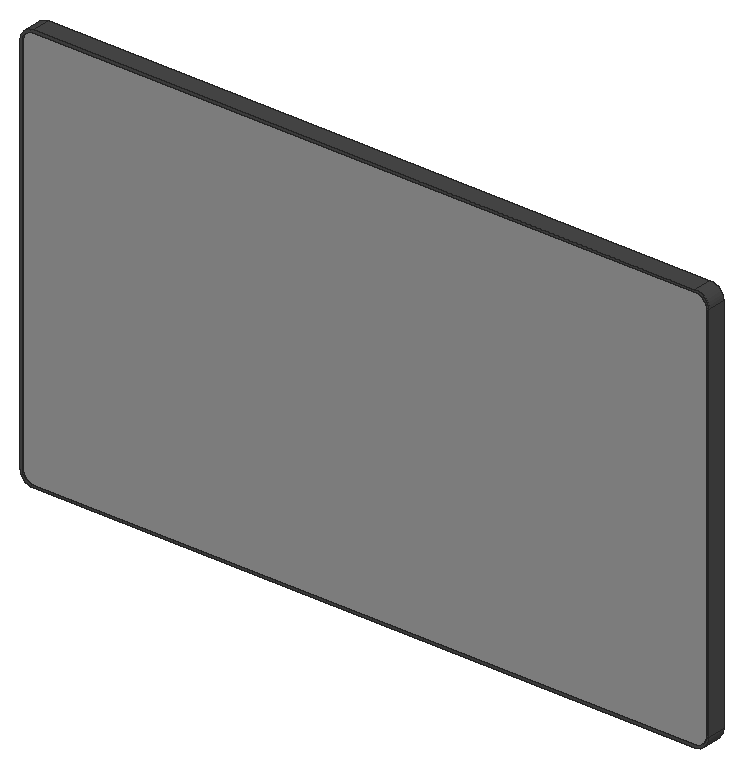
Revit family "Electronics_Visual-TVs_ViewSonic_ViewSonicR-EP3220T-Digital-Billboard-Display", category Electrical Equipment, Revit 2017
Family settings
  Panel Configuration = Two Columns, Circuits Across
  Round Connector Dimension = Use Diameter
  Part Type = Panelboard
  OmniClass Number = 23.85.10.14.24.17
  OmniClass Title = Plasma Video Monitors
  Work Plane-Based = No
  Always vertical = Yes
  Cut with Voids When Loaded = No
  Shared = No
  Room Calculation Point = No
Parameters (values of type "EP 3220 T")
  Viewing Angles = "H = 178, V = 178 typ."
  URL = "https://www.viewsonic.com"
  Panel Size = "32\""
  Light Source = "ELED"
  Surface Treatment = "Anti-glare, Hard coating (3H)"
  Screen Material = Screen - ViewSonic - WP3220
  Response Time = "8 ms(typ.)"
  Product data url = "https://www.bimobject.com/viewsonic/product/viewsonic_ep3220t"
  Product Guid = "f197385e-efe8-4a52-a7f8-3a357e0e1a8c"
  Display Size = "32\""
  Orientation = "Landscape / Portrait"
  Resolution = "1920 x 1080; 16:9"
  Model = "viewsonic_ep3220t"
  Manufacturer = "ViewSonic"
  Keynote = "11130"
  Edition number = 1
  Viewable Area (In.) = "32\""
  Display Area (mm) = "698.4(H) x 392.85(V)"
  Description = "EP3220T - 32\" Display, 300 cd/m2 Brightness, Integrated Media Player\r\n\r\nThe ViewSonic® EP3220T is a 32\" all-in-one digital billboard with 10-point interactive touch. Great for grabbing attention in busy, high-traffic areas, the interactive EP3220T comes with a scratch-proof tempered glass faceplate for durability in public spaces. Featuring Full HD 1080p resolution, 178°/178° wide-angle viewing, and 300-nit brightness, the EP3220T delivers customized multimedia messaging with vivid clarity. Photo and video files can be played back using the embedded Quad-core media player and 16GB of internal memory, or add your own media player utilizing the the convenient HDMI or RGB inputs."
  Covering Color = Plastic - ViewSonic - Black
  Cover Material = Plastic - ViewSonic - Black
  Contrast Ratio = "1200:1"
  Colors = "16.7M colors"
  Brightness = "300 cd/m2"
  Backlight Life = "30,000 hrs"
  Backlight = "WLED"
  Assembly Code = "D5030500"
  Aspect Ratio = "16:9"
Reference planes
  plane 1: y = 0
  plane 2: z = 0
  plane 3 "Center (Left/Right)": x = 0
  plane 4 "Center (Front/Back)": y = 55.4
Forms (mm)
  Extrusion 1, solid, material "Screen - ViewSonic - WP3220" <- "Screen Material"
    sketch origin (1120.776, 0, 0.198) x (1, 0, 0) y (0, 0, 1)
      loop
        arc (-1511.826, 14.799) -> (-1508.165, 5.961) -> (-1499.326, 2.299) r 12.5
        line (-1499.326, 2.299) -> (-777.926, 2.299)
        arc (-777.926, 2.299) -> (-769.087, 5.961) -> (-765.426, 14.799) r 12.5
        line (-765.426, 14.799) -> (-765.426, 432.399)
        arc (-765.426, 432.399) -> (-769.087, 441.238) -> (-777.926, 444.899) r 12.5
        line (-777.926, 444.899) -> (-1499.326, 444.899)
        arc (-1499.326, 444.899) -> (-1508.165, 441.238) -> (-1511.826, 432.399) r 12.5
        line (-1511.826, 432.399) -> (-1511.826, 14.799)
    from -3 to -0.6
  Extrusion 2, solid, material "Plastic - ViewSonic - Black" <- "Cover Material"
    sketch origin (0, 0, 0) x (1, 0, 0) y (0, 0, 1)
      loop
        line (-391.05, 432.597) -> (-391.05, 14.997)
        arc (-391.05, 14.997) -> (-387.389, 6.159) -> (-378.55, 2.497) r 12.5
        line (-378.55, 2.497) -> (342.85, 2.497)
        arc (342.85, 2.497) -> (351.689, 6.159) -> (355.35, 14.997) r 12.5
        line (355.35, 14.997) -> (355.35, 432.597)
        arc (355.35, 432.597) -> (351.689, 441.436) -> (342.85, 445.097) r 12.5
        line (342.85, 445.097) -> (-378.55, 445.097)
        arc (-378.55, 445.097) -> (-387.389, 441.436) -> (-391.05, 432.597) r 12.5
      loop
        arc (-393.55, 14.997) -> (-389.157, 4.391) -> (-378.55, -0.003) r 15
        line (-378.55, -0.003) -> (342.85, -0.003)
        arc (342.85, -0.003) -> (353.457, 4.391) -> (357.85, 14.997) r 15
        line (357.85, 14.997) -> (357.85, 432.597)
        arc (357.85, 432.597) -> (353.457, 443.204) -> (342.85, 447.597) r 15
        line (342.85, 447.597) -> (-378.55, 447.597)
        arc (-378.55, 447.597) -> (-389.157, 443.204) -> (-393.55, 432.597) r 15
        line (-393.55, 432.597) -> (-393.55, 14.997)
    from 0 to -20
  Extrusion 3, solid, material "Plastic - ViewSonic - Black" <- "Cover Material", detail levels medium+fine
    sketch origin (0, 0, 0) x (1, 0, 0) y (0, 0, 1)
      loop
        line (267.15, 383.797) -> (-367.85, 383.797) -> (-367.85, 23.797) -> (267.15, 23.797) -> (267.15, 383.797)
    from -55.4 to -20
  Extrusion 4, solid, material "Plastic - ViewSonic - Black" <- "Cover Material"
    sketch origin (0, 0, 0) x (1, 0, 0) y (0, 0, 1)
      loop
        line (342.85, 445.097) -> (-378.55, 445.097)
        arc (-378.55, 445.097) -> (-387.389, 441.436) -> (-391.05, 432.597) r 12.5
        line (-391.05, 432.597) -> (-391.05, 14.997)
        arc (-391.05, 14.997) -> (-387.389, 6.159) -> (-378.55, 2.497) r 12.5
        line (-378.55, 2.497) -> (342.85, 2.497)
        arc (342.85, 2.497) -> (351.689, 6.159) -> (355.35, 14.997) r 12.5
        line (355.35, 14.997) -> (355.35, 432.597)
        arc (355.35, 432.597) -> (351.689, 441.436) -> (342.85, 445.097) r 12.5
    from -20 to -17
  Extrusion 5, solid, material "Plastic - ViewSonic - Black" <- "Cover Material", detail levels coarse
    sketch origin (0, 0, 0) x (1, 0, 0) y (0, 0, 1)
      loop
        line (342.85, 445.097) -> (-378.55, 445.097)
        arc (-378.55, 445.097) -> (-387.389, 441.436) -> (-391.05, 432.597) r 12.5
        line (-391.05, 432.597) -> (-391.05, 14.997)
        arc (-391.05, 14.997) -> (-387.389, 6.159) -> (-378.55, 2.497) r 12.5
        line (-378.55, 2.497) -> (342.85, 2.497)
        arc (342.85, 2.497) -> (351.689, 6.159) -> (355.35, 14.997) r 12.5
        line (355.35, 14.997) -> (355.35, 432.597)
        arc (355.35, 432.597) -> (351.689, 441.436) -> (342.85, 445.097) r 12.5
    from -55.4 to -20
  Extrusion 6, solid, not visible
    sketch origin (0, 0, 0) x (0, 1, 0) y (0, 0, 1)
      loop
        circle (35.914, 109.155) r 10
    from 267.15 to 270
  Extrusion 7, solid, not visible
    sketch origin (0, 0, 40) x (0, 1, 0) y (0, 0, 1)
      loop
        circle (35.914, 109.155) r 10
    from 267.15 to 270
Cuts and joins
  joined: Extrusion 2, Extrusion 4
Lines and regions (mm)
  Masking region 1
    outline origin (0, 0, 0) x (1, 0, 0) y (0, 1, 0)
      loop
        line (-391.05, 55.4) -> (-391.05, 20) -> (-393.55, 20) -> (-393.55, 0) -> (357.85, 0) -> (357.85, 20) -> (355.35, 20) -> (355.35, 55.4) -> (-391.05, 55.4)
  symbolic lines, detail levels medium+fine
    curve 1: line (-391.05, 20, 0) -> (355.35, 20, 0)
Dimensions and locks
  aligned and locked: level to plane 2
Connectors
  electrical at (270, 35.914, 109.155)
    settings: on Extrusion 6, index 1, voltage 240 V, apparent load 0 VA, apparent load phase1 0 VA, apparent load phase2 0 VA, apparent load phase3 0 VA, power factor 1, load classification "Other", number of poles 1, system type 30, power factor state 1, is connector primary yes, connector utility no, sub classification motor no, connector description "EP3220T-Electrical Connector"
  electrical at (270, 35.914, 149.155)
    settings: on Extrusion 7, index 2, voltage 0 V, apparent load 0 VA, apparent load phase1 0 VA, apparent load phase2 0 VA, apparent load phase3 0 VA, power factor 1, load classification "Other", number of poles 1, system type 5, power factor state 1, is connector primary no, connector utility no, sub classification motor no, connector description "EP3220T-Data Connector"
